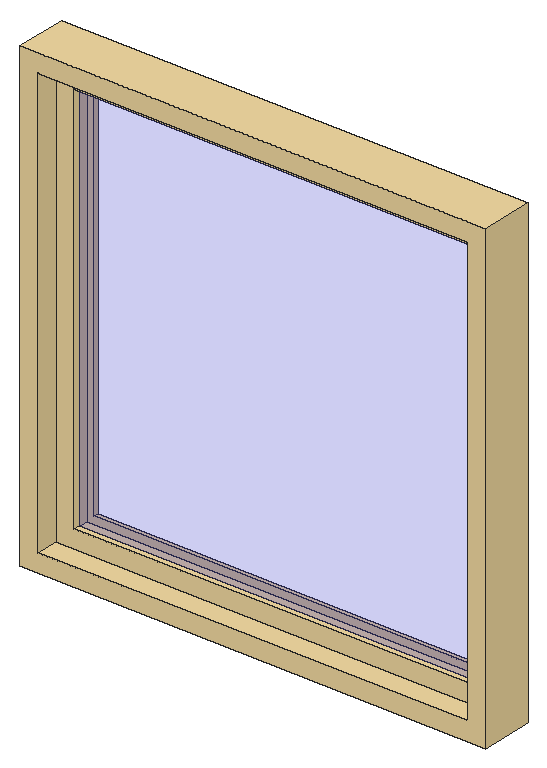
Revit family "3501", category Windows, host Wall, Revit 2016
Family settings
  Host = Wall
  OmniClass Number = 23.30.20.00
  OmniClass Title = Windows
  Always vertical = Yes
  Cut with Voids When Loaded = No
  Shared = No
  Room Calculation Point = No
Parameters (values of type "1188x1188mm")
  Sash top [instance] = yes
  Sash right [instance] = no
  Sash left [instance] = no
  Sash [instance] = or(Sash top, Sash right, Sash left)  # yes
  Rough Width = Width + 2 * Joint  # 1212 mm
  Rough Height = Height + 2 * Joint  # 1212 mm
  Offset from wall = 40 mm
  Manufacturer = "www.kronevinduer.dk"
  Joint = 12 mm
  Height = 1188 mm
  Frame 176 mm [instance] = no
  Frame 157 mm [instance] = no
  Default Sill Height = 800 mm
  Wall Closure = By host
  Width = 1188 mm
Reference planes
  plane 1 "Center (Front/Back)": y = 0
  plane 2 "Center (Left/Right)": x = 0
  plane 3 "Left": x = -594
  plane 4 "Right": x = 594
  plane 5 "Sill": z = 800
  plane 6 "Head": z = 1988
  plane 7 "Exterior": y = 100
  plane 8 "Interior": y = -100
  plane 9: y = 60
  plane 10: x = 582
  plane 11: x = -582
  plane 12: z = 1976
  plane 13: z = 812
  plane 14: z = 1394
Forms (mm)
  Sweep 1, solid, material "Wood frame"
    path origin (0, 100, 0) x (1, 0, 0) y (0, 0, 1)
      loop
        line (582, 812) -> (582, 1976) -> (-582, 1976) -> (-582, 812) -> (582, 812)
    profile "COto 62 træ-alu,karm- fast glas 45mm : COto 62 træ-alu,karm- fast glas 45mm" origin (0, 100, 812) x (0, 0, -1) y (0, -1, 0)
      loop
        line (0, 170) -> (-45, 170) -> (-45, 99) -> (-27, 99) -> (-27, 51) -> (-45, 51) -> (-45, 40) -> (0, 40) -> (0, 170)
  Sweep 2, solid, material "Wood frame", visible <- "Sash"
    path origin (0, 100, 0) x (1, 0, 0) y (0, 0, 1)
      loop
        line (555, 839) -> (555, 1949) -> (-555, 1949) -> (-555, 839) -> (555, 839)
    profile "COto 62 træ-alu,opluk-ramme : COto 62 træ-alu,opluk-ramme" origin (0, 100, 839) x (0, 0, -1) y (0, -1, 0)
      loop
        line (0, 99) -> (-18, 99) -> (-18, 114) -> (-63, 114) -> (-63, 99) -> (-45, 99) -> (-45, 51) -> (-63, 51) -> (-63, 40) -> (0, 40) -> (0, 99)
  Sweep 3, solid, material "Wood frame", visible <- "Frame 157 mm"
    path origin (0, 100, 0) x (1, 0, 0) y (0, 0, 1)
      loop
        line (582, 812) -> (582, 1976) -> (-582, 1976) -> (-582, 812) -> (582, 812)
    profile "COto 62 træ-alu,karm- fast glas 45mm-157 : COto 62 træ-alu,karm- fast glas 45mm-157" origin (0, 100, 812) x (0, 0, -1) y (0, -1, 0)
      loop
        line (0, 197) -> (-45, 197) -> (-45, 99) -> (-27, 99) -> (-27, 51) -> (-45, 51) -> (-45, 40) -> (0, 40) -> (0, 197)
  Sweep 4, solid, material "Wood frame", visible <- "Frame 176 mm"
    path origin (0, 100, 0) x (1, 0, 0) y (0, 0, 1)
      loop
        line (582, 812) -> (582, 1976) -> (-582, 1976) -> (-582, 812) -> (582, 812)
    profile "COto 62 træ-alu,karm- fast glas 45mm-176 : COto 62 træ-alu,karm- fast glas 45mm-176" origin (0, 100, 812) x (0, 0, -1) y (0, -1, 0)
      loop
        line (0, 216) -> (-45, 216) -> (-45, 99) -> (-27, 99) -> (-27, 51) -> (-45, 51) -> (-45, 40) -> (0, 40) -> (0, 216)
  Extrusion 5, solid, material "Glass"
    sketch origin (-594, 0, 0) x (0, -1, 0) y (0, 0, 1)
      loop
        line (-49, 884) -> (-1, 884) -> (-1, 1904) -> (-49, 1904) -> (-49, 884)
    from -1104 to -84
Lines and regions (mm)
  Opening 1
    outline origin (3500, -100, 0) x (1, 0, 0) y (0, 0, 1)
      loop
        line (-2906, 800) -> (-2906, 1988) -> (-4094, 1988) -> (-4094, 800) -> (-2906, 800)
  symbolic lines, visible <- "Sash top"
    curve 1: line (-555, 100, 1949) -> (0, 100, 839)
    curve 2: line (0, 100, 839) -> (555, 100, 1949)
  symbolic lines, visible <- "Sash right"
    curve 3: line (-555, 100, 1949) -> (555, 100, 1394)
    curve 4: line (555, 100, 1394) -> (-555, 100, 839)
  symbolic lines, visible <- "Sash left"
    curve 5: line (555, 100, 1949) -> (-555, 100, 1394)
    curve 6: line (-555, 100, 1394) -> (555, 100, 839)
Text (mm)
  text "EXTERIOR" at (-1963.203, 1332.353, 0), in view "Ref. Level"
  text "INTERIOR" at (-1981.466, -818.386, 0), in view "Ref. Level"
  text "Exterior" at (0, 923.751, 2943.296), in view "Right"
  text "Exterior" at (0, 1040.484, 2685.409), in view "Left"
Dimensions and locks
  equal spacing: plane 3 "Left", plane 2 "Center (Left/Right)", plane 4 "Right"
  "Width": plane 3 "Left" to plane 4 "Right"
  "Height": plane 5 "Sill" to plane 6 "Head"
  "Default Sill Height": plane 5 "Sill" to level
  locked: plane 7 "Exterior" to host wall at 0
  locked: plane 8 "Interior" to host wall
  "Offset from wall": host wall to plane 9
  "Joint": plane 3 "Left" to plane 11
  "Joint": plane 10 to plane 4 "Right"
  "Joint": plane 12 to plane 6 "Head"
  "Joint": plane 5 "Sill" to plane 13
  equal spacing: plane 13, plane 14, plane 12
  aligned and locked: plane 13 to Sweep 1 sketch curve
  aligned and locked: plane 10 to Sweep 1 sketch curve
  aligned and locked: Sweep 1 sketch curve to plane 12
  aligned and locked: Sweep 1 sketch curve to plane 11
  aligned and locked: Sweep 2 sketch curve to Sweep 1  (x4)
  aligned and locked: Sweep 3 sketch curve to Sweep 1  (x4)
  aligned and locked: Sweep 4 sketch curve to Sweep 1  (x4)
  aligned and locked: Extrusion 5 sketch curve to Sweep 1  (x2)
  aligned and locked: Extrusion 5 to Sweep 2  (x4)
Automatic sketch dimensions
  Opening 1 sketch curve to plane 3 "Left" = 0 mm
  Opening 1 sketch curve to plane 4 "Right" = 0 mm
  Opening 1 sketch curve to plane 5 "Sill" = 0 mm
  Opening 1 sketch curve to plane 6 "Head" = 0 mm
  Extrusion 5 sketch curve to plane 5 "Sill" = 84 mm
  plane 6 "Head" to Extrusion 5 sketch curve = 84 mm
  curve 6 to plane 14 = 0 mm
  plane 2 "Center (Left/Right)" to curve 2 = 0 mm
  curve 4 to plane 14 = 0 mm
  curve 3 to plane 11 = 27 mm
  plane 10 to curve 5 = 27 mm
  plane 10 to curve 4 = 27 mm
  plane 13 to curve 2 = 27 mm
  curve 3 to plane 12 = 27 mm
  curve 2 to plane 12 = 27 mm
  curve 6 to plane 11 = 27 mm
  curve 4 to plane 11 = 27 mm
  plane 10 to curve 6 = 27 mm
  plane 13 to curve 6 = 27 mm
  plane 13 to curve 4 = 27 mm
